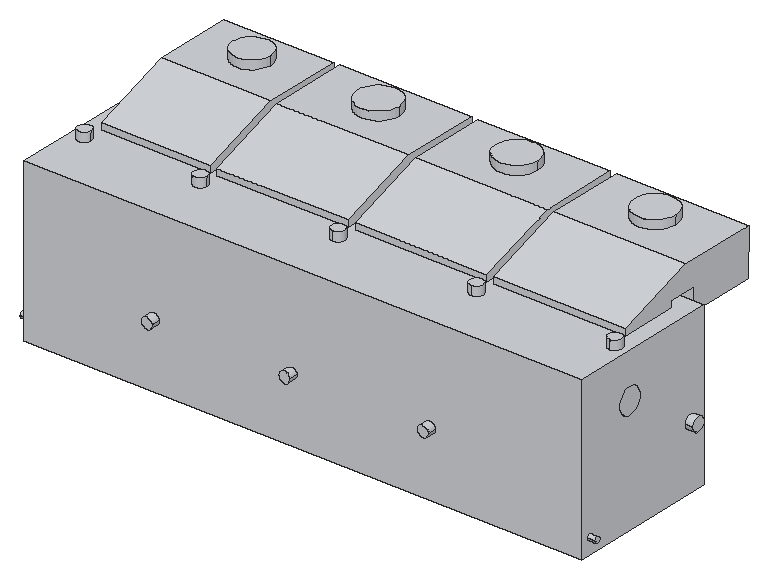
Revit family "M_Caldeira a gás - Ferro fundido - 420-457 kW", category Equipamento mecânico, Revit 2019
Family settings
  Cota do conector redondo = Usar raio
  Tipo de parte = Normal
  Número OmniClass = 23.75.10.11.14.11
  Título OmniClass = Cast-Iron Boilers
  ID de item do Seek = Gas Fired Boiler - Cast Iron - 420-457 kW-0000-CAN-ENU
  Com base no plano de trabalho = Não
  Sempre na vertical = Sim
  Corte com vazios quando carregada = Não
  Compartilhado = Não
  Ponto de cálculo do ambiente = Não
Parameters (values of type "420 kW")
  Fluxo da água [instance] = 0.32 L/s
  Raio da ventilação 4 = 125 mm
  Raio da ventilação 3 = 125 mm
  Raio da ventilação 2 = 125 mm
  Raio da ventilação 1 = 112.5 mm
  Comprimento da ventilação 4 = 500 mm
  Comprimento da ventilação 3 = 830 mm
  Comprimento da ventilação 2 = 830 mm
  Comprimento da ventilação 1 = 760 mm
  Diâmetro da ventilação 4 = Raio da ventilação 4 * 2  # 250 mm
  Diâmetro da ventilação 3 = Raio da ventilação 3 * 2  # 250 mm
  Diâmetro da ventilação 1 = Raio da ventilação 1 * 2  # 225 mm
  Diâmetro da ventilação 2 = Raio da ventilação 2 * 2  # 250 mm
  Aumento de temperatura [instance] = 15.56 °C
  Comprimento de fornecimento 4 = 830 mm
  Comprimento de fornecimento 3 = 830 mm
  Comprimento de fornecimento 2 = 825 mm
  Comprimento de fornecimento 1 = 695 mm
  Queda de pressão da água [instance] = 75800.0 Pa
  Calor de saída [instance] = 420000 W
  Calor de entrada [instance] = 526000 W
  Raio do gás = 16 mm
  Fluxo de gás [instance] = 0.06 L/s
  Diâmetro do gás = Raio do gás * 2  # 32 mm
  Raio da água quente = 40 mm
  Diâmetro da água quente = Raio da água quente * 2  # 80 mm
  Fluxo do ar de exaustão [instance] = 0.0 L/s
  Raio da água gelada = 40 mm
  Diâmetro da água gelada = Raio da água gelada * 2  # 80 mm
  Comprimento do exaustor 4 = 790 mm
  Comprimento do exaustor 3 = 790 mm
  Comprimento do exaustor 2 = 790 mm
  Comprimento do exaustor 1 = 655 mm
  Material do boiler = none
  Comprimento da caldeira = 3346 mm
  BHP [instance] = 42.34
  Raio da água quente 3 = 40 mm
  Raio da água quente 2 = Raio da água quente 1  # 40 mm
  Raio da água quente 1 = 40 mm
  Diâmetro da água quente 3 = Raio da água quente 3 * 2  # 80 mm
  Diâmetro da água quente 2 = Raio da água quente 2 * 2  # 80 mm
  Diâmetro da água quente 1 = Raio da água quente 1 * 2  # 80 mm
  Raio da água gelada 3 = 32.5 mm
  Raio da água gelada 2 = Raio da água gelada 1  # 32.5 mm
  Raio da água gelada 1 = 32.5 mm
  Diâmetro da água gelada 3 = Raio da água gelada 3 * 2  # 65 mm
  Diâmetro da água gelada 2 = Raio da água gelada 2 * 2  # 65 mm
  Diâmetro da água gelada 1 = Raio da água gelada 1 * 2  # 65 mm
Types (3, lengths in mm): name | Raio da ventilação 2 | Raio da ventilação 1 | Comprimento da ventilação 2 | Comprimento da ventilação 1 | Diâmetro da ventilação 1 | Diâmetro da ventilação 2 | Comprimento de fornecimento 2 | Comprimento de fornecimento 1 | Calor de saída | Calor de entrada | Comprimento do exaustor 2 | Comprimento do exaustor 1 | Comprimento da caldeira | BHP
  (no name) | 125 | 112.5 | 830 | 760 | 225 | 250 | 825 | 695 | 420000 W | 526000 W | 790 | 655 | 3346 | 42.34
  420 kW | 125 | 112.5 | 830 | 760 | 225 | 250 | 825 | 695 | 420000 W | 526000 W | 790 | 655 | 3346 | 42.34
  457 kW | 150 | 125 | 900 | 900 | 250 | 300 | 965 | 830 | 457000 W | 572000 W | 930 | 790 | 3625 | 46.02
Reference planes
  plane 1 "Centro (Frente/Trás)": y = 0
  plane 2: z = 0
  plane 3 "Centro (Esquerda/Direita)": x = 0
  plane 4: x = 3346
  plane 5: y = 914.4
  plane 6: z = 965.2
  plane 7: z = 101.6
  plane 8: y = 50.8
  plane 9: x = -50.8
  plane 10: y = 808.037
  plane 11: z = 390.525
  plane 12: x = 82.55
  plane 13: y = 349.25
  plane 14: z = 1016
  plane 15: x = 777.55
  plane 16: x = 2846
  plane 17: z = 698.5
  plane 18: y = 355.6
  plane 19: y = 1376.362
  plane 20: z = 868.362
  plane 21: z = 1154.113
  plane 22: y = 965.2
  plane 23: y = 798.512
  plane 24: y = 457.2
  plane 25: z = 1003.3
  plane 26: y = 908.05
  plane 27: y = 1173.162
  plane 28: z = 1204.912
  plane 29: x = 3396.8
  plane 30: y = -50.8
  plane 31: x = 2451
  plane 32: x = 3241
  plane 33: x = 2433.935
  plane 34: x = 3263.935
  plane 35: x = 2016
  plane 36: x = 1621
  plane 37: x = 2411
  plane 38: x = 1186
  plane 39: x = 791
  plane 40: x = 1581
  plane 41: x = 426
  plane 42: x = 98.5
  plane 43: x = 753.5
  plane 44: x = 1602.55
  plane 45: x = 2432.55
Forms (mm)
  Extrusion 1, solid, material <- "Material do boiler"
    sketch origin (0, 0, 0) x (1, 0, 0) y (0, 1, 0)
      loop
        line (0, 914.4) -> (0, 0) -> (3346, 0) -> (3346, 914.4) -> (0, 914.4)
    from 0 to 965.2
  Extrusion 2, solid, material <- "Material do boiler"
    sketch origin (0, 0, 0) x (0, 1, 0) y (0, 0, 1)
      loop
        circle (50.8, 101.6) r 16
    from 0 to -50.8
  Extrusion 3, solid, material <- "Material do boiler"
    sketch origin (0, 0, 0) x (0, 1, 0) y (0, 0, 1)
      loop
        circle (808.037, 390.525) r 40
    from 0 to -50.8
  Extrusion 4, solid, material <- "Material do boiler"
    sketch origin (0, 0, 0) x (1, 0, 0) y (0, 1, 0)
      loop
        circle (82.55, 349.25) r 40
    from 965.2 to 1016
  Extrusion 5, solid, material <- "Material do boiler"
    sketch origin (0, 0, 0) x (1, 0, 0) y (0, 1, 0)
      loop
        circle (777.55, 349.25) r 40
    from 965.2 to 1016
  Extrusion 6, solid, material <- "Material do boiler"
    sketch origin (0, 0, 0) x (0, 1, 0) y (0, 0, 1)
      loop
        circle (355.6, 698.5) r 76.2
    from 0 to 2846
  Extrusion 7, solid, material <- "Material do boiler", detail levels fine
    sketch origin (0, 0, 0) x (0, 1, 0) y (0, 0, 1)
      loop
        line (457.2, 965.2) -> (798.512, 965.2) -> (798.512, 1003.3) -> (965.2, 1003.3) -> (965.2, 868.363) -> (1376.362, 868.363) -> (1376.362, 1154.113) -> (908.05, 1154.113) -> (457.2, 1003.3) -> (457.2, 965.2)
    from 2451 to 3241
  Extrusion 8, solid, material <- "Material do boiler"
    sketch origin (0, 0, 0) x (1, 0, 0) y (0, 1, 0)
      loop
        circle (2846, 1173.162) r 125
    from 1154.113 to 1204.913
  Extrusion 9, solid, material <- "Material do boiler"
    sketch origin (863.6, 0, 0) x (0, 1, 0) y (0, 0, -1)
      loop
        circle (808.037, -390.525) r 40
    from -2482.4 to -2533.2
  Extrusion 10, solid, material <- "Material do boiler"
    sketch origin (1136.65, 0, 0) x (0, 1, 0) y (0, 0, -1)
      loop
        circle (355.6, -698.5) r 76.2
    from -2209.35 to -1709.35
  Extrusion 11, solid, material <- "Material do boiler"
    sketch origin (0, 0, 0) x (1, 0, 0) y (0, 0, 1)
      loop
        circle (777.55, 390.525) r 32.5
    from 0 to 50.8
  Extrusion 12, solid, material <- "Material do boiler"
    sketch origin (0, 1465.263, 101.6) x (0, 1, 0) y (-1, 0, 0)
      loop
        circle (-1116.013, -1602.55) r 40
    from 863.6 to 914.4
  Extrusion 13, solid, material <- "Material do boiler"
    sketch origin (2143.72, 0, 0) x (0, 1, 0) y (0, 0, -1)
      loop
        circle (50.8, -101.6) r 16
    from -1202.28 to -1253.08
  Extrusion 14, solid, material <- "Material do boiler", detail levels fine
    sketch origin (2933.7, 0, 0) x (0, 1, 0) y (0, 0, -1)
      loop
        line (457.2, -965.2) -> (457.2, -1003.3) -> (908.05, -1154.113) -> (1376.362, -1154.113) -> (1376.362, -868.363) -> (965.2, -868.363) -> (965.2, -1003.3) -> (798.512, -1003.3) -> (798.512, -965.2) -> (457.2, -965.2)
    from 522.7 to 1312.7
  Extrusion 15, solid, material <- "Material do boiler"
    sketch origin (2933.7, 0, 0) x (-1, 0, 0) y (0, -1, 0)
      loop
        circle (917.7, -1173.162) r 125
    from 1154.113 to 1204.913
  Extrusion 16, solid, material <- "Material do boiler", detail levels fine
    sketch origin (-1421.11, 0, 0) x (0, 1, 0) y (0, 0, 1)
      loop
        line (457.2, 965.2) -> (798.512, 965.2) -> (798.512, 1003.3) -> (965.2, 1003.3) -> (965.2, 868.363) -> (1376.362, 868.363) -> (1376.362, 1154.113) -> (908.05, 1154.113) -> (457.2, 1003.3) -> (457.2, 965.2)
    from 2212.11 to 3002.11
  Extrusion 17, solid, material <- "Material do boiler"
    sketch origin (-1421.11, 0, 0) x (1, 0, 0) y (0, 1, 0)
      loop
        circle (2607.11, 1173.162) r 125
    from 1154.113 to 1204.913
  Extrusion 18, solid, material <- "Material do boiler"
    sketch origin (0, 0, 0) x (1, 0, 0) y (0, 0, 1)
      loop
        circle (1602.55, 390.525) r 32.5
    from 0 to 50.8
  Extrusion 19, solid, material <- "Material do boiler"
    sketch origin (0, 1465.263, 101.6) x (0, 1, 0) y (-1, 0, 0)
      loop
        circle (-1116.013, -2433.935) r 40
    from 863.6 to 914.4
  Extrusion 20, solid, material <- "Material do boiler", detail levels fine
    sketch origin (2101.85, 0, 0) x (0, 1, 0) y (0, 0, -1)
      loop
        line (457.2, -965.2) -> (457.2, -1003.3) -> (908.05, -1154.113) -> (1376.362, -1154.113) -> (1376.362, -868.363) -> (965.2, -868.363) -> (965.2, -1003.3) -> (798.512, -1003.3) -> (798.512, -965.2) -> (457.2, -965.2)
    from 1348.35 to 2003.35
  Extrusion 21, solid, material <- "Material do boiler"
    sketch origin (2101.85, 0, 0) x (-1, 0, 0) y (0, -1, 0)
      loop
        circle (1675.85, -1173.162) r 112.5
    from 1154.113 to 1204.913
  Extrusion 22, solid, material <- "Material do boiler"
    sketch origin (0, 0, 0) x (1, 0, 0) y (0, 0, 1)
      loop
        circle (2432.55, 390.525) r 32.5
    from 0 to 50.8
  Extrusion 23, solid, material <- "Material do boiler"
    sketch origin (0, 1465.263, 101.6) x (0, 1, 0) y (-1, 0, 0)
      loop
        circle (-1116.013, -3263.935) r 40
    from 863.6 to 914.4
  Extrusion 24, solid, material <- "Material do boiler", detail levels coarse+medium
    sketch origin (0, 1465.263, 101.6) x (0, 1, 0) y (-1, 0, 0)
      loop
        line (-88.901, -98.5) -> (-550.863, -98.5) -> (-550.863, -3241) -> (-88.901, -3241) -> (-88.901, -98.5)
    from 766.763 to 1052.512
  Extrusion 25, solid, material <- "Material do boiler", detail levels coarse+medium
    sketch origin (0, 1465.263, 101.6) x (0, 1, 0) y (-1, 0, 0)
      loop
        line (-550.863, -98.5) -> (-1008.063, -98.5) -> (-1008.063, -3241) -> (-550.863, -3241) -> (-550.863, -98.5)
    from 863.6 to 1052.512
  Extrusion 26, solid, material <- "Material do boiler", detail levels fine
    sketch origin (0, 0, 0) x (1, 0, 0) y (0, 0, 1)
      loop
        circle (777.55, 390.525) r 32.5
      loop
        circle (1602.55, 390.525) r 32.5
      loop
        circle (2432.55, 390.525) r 32.5
    from 0 to 50.8
  Extrusion 27, solid, material <- "Material do boiler", detail levels fine
    sketch origin (1602.085, 0, 0) x (0, 1, 0) y (0, 0, 1)
      loop
        circle (808.037, 390.525) r 40
      loop
        circle (50.8, 101.6) r 16
    from -1652.885 to -1602.085
  Extrusion 28, solid, material <- "Material do boiler", detail levels fine
    sketch origin (1602.085, 0, 0) x (0, 1, 0) y (0, 0, 1)
      loop
        circle (808.037, 390.525) r 40
      loop
        circle (50.8, 101.6) r 16
    from 1794.715 to 1743.915
Cuts and joins
  joined: Extrusion 7, Extrusion 14, Extrusion 16, Extrusion 20
  joined: Extrusion 1, Extrusion 4, Extrusion 5, Extrusion 8, Extrusion 12, Extrusion 15, Extrusion 17, Extrusion 19, Extrusion 21, Extrusion 23
  joined: Extrusion 2, Extrusion 3, Extrusion 9, Extrusion 11, Extrusion 13, Extrusion 18, Extrusion 22
  joined: Extrusion 24, Extrusion 25
Lines and regions (mm)
  model lines, detail levels coarse+medium
    curve 1: line (0, 50.8, 101.6) -> (-50.8, 50.8, 101.6)
    curve 2: line (0, 808.037, 390.525) -> (-50.8, 808.037, 390.525)
    curve 3: line (3396.8, 808.037, 390.525) -> (3346, 808.037, 390.525)
    curve 5: line (3346, 50.8, 101.6) -> (3396.8, 50.8, 101.6)
    curve 6: line (777.55, 0, 390.525) -> (777.55, -50.8, 390.525)
    curve 10: line (2432.55, 0, 390.525) -> (2432.55, -50.8, 390.525)
    curve 11: line (1602.55, 0, 390.525) -> (1602.55, -50.8, 390.525)
  model lines, detail levels coarse
    curve 4: line (2846, 1173.162, 1154.112) -> (2846, 1173.162, 1204.912)
    curve 7: line (2016, 1173.162, 1154.112) -> (2016, 1173.162, 1204.912)
    curve 8: line (1186, 1173.162, 1154.112) -> (1186, 1173.162, 1204.912)
    curve 9: line (426, 1173.162, 1154.112) -> (426, 1173.162, 1204.912)
  symbolic lines, detail levels fine
    curve 12: line (-50.8, 846.137, 101.6) -> (0, 846.137, 101.6)
    curve 13: line (-50.8, 769.937, 101.6) -> (0, 769.937, 101.6)
    curve 14: line (-50.8, 846.137, 101.6) -> (-50.8, 769.937, 101.6)
    curve 15: line (-50.8, 66.675, 101.6) -> (0, 66.675, 101.6)
    curve 16: line (0, 34.925, 101.6) -> (-50.8, 34.925, 101.6)
    curve 17: line (-50.8, 66.675, 101.6) -> (-50.8, 34.925, 101.6)
    curve 18: line (742.04, 0, 101.6) -> (742.04, -50.8, 101.6)
    curve 19: line (808.115, 0, 101.6) -> (808.115, -50.8, 101.6)
    curve 20: line (742.04, -50.8, 101.6) -> (808.115, -50.8, 101.6)
    curve 21: line (1567.655, 0, 101.6) -> (1567.655, -50.8, 101.6)
    curve 22: line (1634.94, 0, 101.6) -> (1634.94, -50.8, 101.6)
    curve 23: line (1567.655, -50.8, 101.6) -> (1634.94, -50.8, 101.6)
    curve 24: line (2468.115, 0, 101.6) -> (2468.115, -50.8, 101.6)
    curve 25: line (2400.83, -50.8, 101.6) -> (2400.83, 0, 101.6)
    curve 26: line (2400.83, -50.8, 101.6) -> (2468.115, -50.8, 101.6)
    curve 27: line (3396.8, 66.675, 101.6) -> (3346, 66.675, 101.6)
    curve 28: line (3396.8, 66.675, 101.6) -> (3396.8, 34.925, 101.6)
    curve 29: line (3396.8, 34.925, 101.6) -> (3346, 34.925, 101.6)
    curve 30: line (3346, 846.137, 101.6) -> (3396.8, 846.137, 101.6)
    curve 31: line (3396.8, 846.137, 101.6) -> (3396.8, 769.937, 101.6)
    curve 32: line (3396.8, 769.937, 101.6) -> (3346, 769.937, 101.6)
Dimensions and locks
  locked: plane 6 to plane 2 at 965.2
  locked: plane 5 to plane 1 "Centro (Frente/Trás)" at 914.4
  "Comprimento da caldeira": plane 4 to plane 3 "Centro (Esquerda/Direita)"
  locked: plane 7 to plane 2 at 101.6
  locked: plane 8 to plane 1 "Centro (Frente/Trás)" at 50.8
  locked: plane 3 "Centro (Esquerda/Direita)" to plane 9 at 50.8
  locked: plane 5 to plane 10 at 106.363
  locked: plane 11 to plane 2 at 390.525
  locked: plane 13 to plane 1 "Centro (Frente/Trás)" at 349.25
  locked: plane 14 to plane 6 at 50.8
  "Comprimento de fornecimento 1": plane 15 to plane 12
  "Comprimento da ventilação 4": plane 4 to plane 16
  locked: plane 17 to plane 2 at 698.5
  locked: plane 18 to plane 1 "Centro (Frente/Trás)" at 355.6
  locked: plane 19 to plane 1 "Centro (Frente/Trás)" at 1376.363
  locked: plane 20 to plane 2 at 868.362
  locked: plane 21 to plane 20 at 285.75
  locked: plane 19 to plane 22 at 411.162
  locked: plane 22 to plane 23 at 166.688
  locked: plane 23 to plane 24 at 341.312
  locked: plane 25 to plane 6 at 38.1
  locked: plane 26 to plane 24 at 450.85
  locked: plane 27 to plane 1 "Centro (Frente/Trás)" at 1173.162
  locked: plane 28 to plane 21 at 50.8
  locked: plane 29 to plane 4 at 50.8
  locked: plane 1 "Centro (Frente/Trás)" to plane 30 at 50.8
  "Comprimento do exaustor 4": plane 32 to plane 31
  equal spacing: plane 32, plane 16, plane 31
  "Comprimento de fornecimento 4": plane 34 to plane 33
  "Comprimento da ventilação 3": plane 16 to plane 35
  "Comprimento do exaustor 3": plane 37 to plane 36
  equal spacing: plane 37, plane 35, plane 36
  "Comprimento da ventilação 2": plane 38 to plane 35
  "Comprimento do exaustor 2": plane 40 to plane 39
  equal spacing: plane 40, plane 38, plane 39
  "Comprimento da ventilação 1": plane 41 to plane 38
  "Comprimento do exaustor 1": plane 43 to plane 42
  equal spacing: plane 43, plane 41, plane 42
  "Comprimento de fornecimento 2": plane 44 to plane 15
  "Comprimento de fornecimento 3": plane 45 to plane 44
  locked: plane 12 to plane 3 "Centro (Esquerda/Direita)" at 82.55
  "Raio do gás": radius of Extrusion 2 sketch curve
  "Raio da água gelada": radius of Extrusion 3 sketch curve
  "Raio da água quente": radius of Extrusion 4 sketch curve
  "Raio da água quente 1": radius of Extrusion 5 sketch curve
  radius of Extrusion 6 sketch curve = 76.2 mm
  "Raio da ventilação 4": radius of Extrusion 8 sketch curve
  "Raio da água gelada": radius of Extrusion 9 sketch curve
  radius of Extrusion 10 sketch curve = 76.2 mm
  "Raio da água gelada 1": radius of Extrusion 11 sketch curve
  "Raio da água quente 2": radius of Extrusion 12 sketch curve
  "Raio do gás": radius of Extrusion 13 sketch curve
  "Raio da ventilação 3": radius of Extrusion 15 sketch curve
  "Raio da ventilação 2": radius of Extrusion 17 sketch curve
  "Raio da água gelada 2": radius of Extrusion 18 sketch curve
  "Raio da água quente 3": radius of Extrusion 19 sketch curve
  "Raio da ventilação 1": radius of Extrusion 21 sketch curve
  "Raio da água gelada 3": radius of Extrusion 22 sketch curve
  "Raio da água quente": radius of Extrusion 23 sketch curve
  "Raio da água gelada 3": radius of Extrusion 26 sketch curve
  "Raio da água gelada 2": radius of Extrusion 26 sketch curve
  "Raio da água gelada 1": radius of Extrusion 26 sketch curve
  "Raio da água gelada": radius of Extrusion 27 sketch curve
  "Raio do gás": radius of Extrusion 27 sketch curve
  "Raio da água gelada": radius of Extrusion 28 sketch curve
  "Raio do gás": radius of Extrusion 28 sketch curve
  aligned and locked: Extrusion 1 to plane 5
  aligned and locked: plane 1 "Centro (Frente/Trás)" to Extrusion 1
  aligned and locked: Extrusion 1 to plane 3 "Centro (Esquerda/Direita)"
  aligned and locked: plane 4 to Extrusion 1
  aligned and locked: plane 6 to Extrusion 1
  aligned and locked: Extrusion 1 to plane 2
  aligned and locked: plane 8 to Extrusion 2 sketch curve
  aligned and locked: plane 7 to Extrusion 2 sketch curve
  aligned and locked: Extrusion 2 to plane 9
  aligned and locked: plane 3 "Centro (Esquerda/Direita)" to Extrusion 2
  aligned and locked: plane 10 to Extrusion 3 sketch curve
  aligned and locked: plane 11 to Extrusion 3 sketch curve
  aligned and locked: Extrusion 3 to plane 9
  aligned and locked: plane 3 "Centro (Esquerda/Direita)" to Extrusion 3
  aligned and locked: plane 13 to Extrusion 4 sketch curve
  aligned and locked: plane 12 to Extrusion 4 sketch curve
  aligned and locked: plane 14 to Extrusion 4
  aligned and locked: Extrusion 4 to plane 6
  aligned and locked: plane 15 to Extrusion 5 sketch curve
  aligned and locked: plane 13 to Extrusion 5 sketch curve
  aligned and locked: plane 14 to Extrusion 5
  aligned and locked: Extrusion 5 to plane 6
  aligned and locked: plane 18 to Extrusion 6 sketch curve
  aligned and locked: plane 17 to Extrusion 6 sketch curve
  aligned and locked: Extrusion 6 to plane 3 "Centro (Esquerda/Direita)"
  aligned and locked: plane 16 to Extrusion 6
  aligned and locked: plane 21 to Extrusion 7
  aligned and locked: Extrusion 7 to plane 19
  aligned and locked: Extrusion 7 to plane 20
  aligned and locked: plane 22 to Extrusion 7
  aligned and locked: Extrusion 7 to plane 25
  aligned and locked: Extrusion 7 to plane 23
  aligned and locked: Extrusion 7 to plane 6
  aligned and locked: plane 24 to Extrusion 7
  aligned and locked: plane 16 to Extrusion 8 sketch curve
  aligned and locked: plane 27 to Extrusion 8 sketch curve
  aligned and locked: plane 21 to Extrusion 8
  aligned and locked: plane 28 to Extrusion 8  (x2)
  aligned and locked: plane 29 to Extrusion 9
  aligned and locked: Extrusion 9 to plane 4
  aligned and locked: plane 10 to Extrusion 9 sketch curve
  aligned and locked: plane 11 to Extrusion 9 sketch curve
  aligned and locked: Extrusion 10 to plane 16
  aligned and locked: plane 4 to Extrusion 10
  aligned and locked: plane 18 to Extrusion 10 sketch curve
  aligned and locked: plane 17 to Extrusion 10 sketch curve
  aligned and locked: plane 3 "Centro (Esquerda/Direita)" to curve 1
  aligned and locked: plane 9 to curve 1
  aligned and locked: plane 7 to curve 1
  aligned and locked: plane 3 "Centro (Esquerda/Direita)" to curve 2
  aligned and locked: plane 9 to curve 2
  aligned and locked: curve 2 to plane 10
  aligned and locked: plane 4 to curve 3
  aligned and locked: plane 29 to curve 3
  aligned and locked: curve 3 to plane 10
  aligned and locked: curve 4 to plane 28
  aligned and locked: plane 16 to curve 4
  aligned and locked: plane 15 to Extrusion 11 sketch curve
  aligned and locked: plane 11 to Extrusion 11 sketch curve
  aligned and locked: plane 30 to Extrusion 11
  aligned and locked: plane 13 to Extrusion 12 sketch curve
  aligned and locked: plane 14 to Extrusion 12
  aligned and locked: Extrusion 12 to plane 6
  aligned and locked: Extrusion 13 to plane 4
  aligned and locked: plane 29 to Extrusion 13
  aligned and locked: plane 7 to Extrusion 13 sketch curve
  aligned and locked: plane 8 to Extrusion 13 sketch curve
  aligned and locked: curve 6 to plane 15
  aligned and locked: plane 30 to curve 6
  aligned and locked: plane 4 to curve 5
  aligned and locked: plane 29 to curve 5
  aligned and locked: plane 8 to curve 5
  aligned and locked: plane 32 to Extrusion 7
  aligned and locked: Extrusion 7 to plane 31
  aligned and locked: plane 27 to Extrusion 15 sketch curve
  aligned and locked: plane 27 to Extrusion 17 sketch curve
  aligned and locked: plane 11 to Extrusion 18 sketch curve
  aligned and locked: plane 30 to Extrusion 18
  aligned and locked: Extrusion 11 to plane 1 "Centro (Frente/Trás)"
  aligned and locked: plane 13 to Extrusion 19 sketch curve
  aligned and locked: plane 33 to Extrusion 19 sketch curve
  aligned and locked: Extrusion 19 to plane 6
  aligned and locked: plane 14 to Extrusion 19
  aligned and locked: curve 6 to plane 11
  aligned and locked: plane 37 to Extrusion 14
  aligned and locked: Extrusion 14 to plane 36
  aligned and locked: curve 7 to plane 35
  aligned and locked: plane 35 to Extrusion 15 sketch curve
  aligned and locked: plane 44 to Extrusion 18 sketch curve
  aligned and locked: plane 40 to Extrusion 16
  aligned and locked: Extrusion 16 to plane 39
  aligned and locked: curve 8 to plane 38
  aligned and locked: plane 38 to Extrusion 17 sketch curve
  aligned and locked: plane 43 to Extrusion 20
  aligned and locked: Extrusion 20 to plane 42
  aligned and locked: curve 9 to plane 41
  aligned and locked: plane 41 to Extrusion 21 sketch curve
  aligned and locked: plane 28 to Extrusion 21
  aligned and locked: Extrusion 21 to plane 21
  aligned and locked: plane 28 to Extrusion 17
  aligned and locked: Extrusion 17 to plane 21
  aligned and locked: plane 28 to Extrusion 15
  aligned and locked: plane 21 to Extrusion 15
  aligned and locked: plane 45 to Extrusion 22 sketch curve
  aligned and locked: plane 11 to Extrusion 22 sketch curve
  aligned and locked: plane 34 to Extrusion 23 sketch curve
  aligned and locked: plane 13 to Extrusion 23 sketch curve
  aligned and locked: plane 14 to Extrusion 23
  aligned and locked: plane 6 to Extrusion 23
  aligned and locked: plane 30 to Extrusion 22
  aligned and locked: Extrusion 18 to plane 1 "Centro (Frente/Trás)"
  aligned and locked: curve 10 to plane 11
  aligned and locked: plane 1 "Centro (Frente/Trás)" to curve 10
  aligned and locked: plane 30 to curve 10
  aligned and locked: curve 11 to plane 11
  aligned and locked: plane 1 "Centro (Frente/Trás)" to curve 11
  aligned and locked: plane 30 to curve 11
  aligned and locked: curve 12 to cut or joined group of Extrusion 2, Extrusion 3, Extrusion 9, Extrusion 11, Extrusion 13, Extrusion 18, Extrusion 22
  aligned and locked: cut or joined group of Extrusion 2, Extrusion 3, Extrusion 9, Extrusion 11, Extrusion 13, Extrusion 18, Extrusion 22 to curve 12
  aligned and locked: curve 13 to cut or joined group of Extrusion 2, Extrusion 3, Extrusion 9, Extrusion 11, Extrusion 13, Extrusion 18, Extrusion 22
  aligned and locked: cut or joined group of Extrusion 2, Extrusion 3, Extrusion 9, Extrusion 11, Extrusion 13, Extrusion 18, Extrusion 22 to curve 13
  aligned and locked: curve 15 to cut or joined group of Extrusion 2, Extrusion 3, Extrusion 9, Extrusion 11, Extrusion 13, Extrusion 18, Extrusion 22
  aligned and locked: cut or joined group of Extrusion 2, Extrusion 3, Extrusion 9, Extrusion 11, Extrusion 13, Extrusion 18, Extrusion 22 to curve 15
  aligned and locked: cut or joined group of Extrusion 2, Extrusion 3, Extrusion 9, Extrusion 11, Extrusion 13, Extrusion 18, Extrusion 22 to curve 16
  aligned and locked: curve 16 to cut or joined group of Extrusion 2, Extrusion 3, Extrusion 9, Extrusion 11, Extrusion 13, Extrusion 18, Extrusion 22
  aligned and locked: curve 18 to cut or joined group of Extrusion 2, Extrusion 3, Extrusion 9, Extrusion 11, Extrusion 13, Extrusion 18, Extrusion 22  (x2)
  aligned and locked: curve 19 to cut or joined group of Extrusion 2, Extrusion 3, Extrusion 9, Extrusion 11, Extrusion 13, Extrusion 18, Extrusion 22
  aligned and locked: cut or joined group of Extrusion 2, Extrusion 3, Extrusion 9, Extrusion 11, Extrusion 13, Extrusion 18, Extrusion 22 to curve 19
  aligned and locked: curve 21 to cut or joined group of Extrusion 2, Extrusion 3, Extrusion 9, Extrusion 11, Extrusion 13, Extrusion 18, Extrusion 22  (x2)
  aligned and locked: curve 22 to cut or joined group of Extrusion 2, Extrusion 3, Extrusion 9, Extrusion 11, Extrusion 13, Extrusion 18, Extrusion 22
  aligned and locked: cut or joined group of Extrusion 2, Extrusion 3, Extrusion 9, Extrusion 11, Extrusion 13, Extrusion 18, Extrusion 22 to curve 22
  aligned and locked: cut or joined group of Extrusion 2, Extrusion 3, Extrusion 9, Extrusion 11, Extrusion 13, Extrusion 18, Extrusion 22 to curve 24  (x2)
  aligned and locked: cut or joined group of Extrusion 2, Extrusion 3, Extrusion 9, Extrusion 11, Extrusion 13, Extrusion 18, Extrusion 22 to curve 25
  aligned and locked: curve 25 to cut or joined group of Extrusion 2, Extrusion 3, Extrusion 9, Extrusion 11, Extrusion 13, Extrusion 18, Extrusion 22
  aligned and locked: cut or joined group of Extrusion 2, Extrusion 3, Extrusion 9, Extrusion 11, Extrusion 13, Extrusion 18, Extrusion 22 to curve 27
  aligned and locked: curve 27 to cut or joined group of Extrusion 2, Extrusion 3, Extrusion 9, Extrusion 11, Extrusion 13, Extrusion 18, Extrusion 22
  aligned and locked: curve 29 to cut or joined group of Extrusion 2, Extrusion 3, Extrusion 9, Extrusion 11, Extrusion 13, Extrusion 18, Extrusion 22
  aligned and locked: curve 30 to cut or joined group of Extrusion 2, Extrusion 3, Extrusion 9, Extrusion 11, Extrusion 13, Extrusion 18, Extrusion 22
  aligned and locked: cut or joined group of Extrusion 2, Extrusion 3, Extrusion 9, Extrusion 11, Extrusion 13, Extrusion 18, Extrusion 22 to curve 30
  aligned and locked: curve 32 to cut or joined group of Extrusion 2, Extrusion 3, Extrusion 9, Extrusion 11, Extrusion 13, Extrusion 18, Extrusion 22
  aligned and locked: Extrusion 24 sketch curve to cut or joined group of Extrusion 7, Extrusion 14, Extrusion 16, Extrusion 20  (x2)
  aligned and locked: cut or joined group of Extrusion 1, Extrusion 4, Extrusion 5, Extrusion 8, Extrusion 12, Extrusion 15, Extrusion 17, Extrusion 19, Extrusion 21, Extrusion 23 to Extrusion 24 sketch curve
  aligned and locked: Extrusion 24 sketch curve to plane 32
  aligned and locked: Extrusion 24 to Extrusion 25 sketch curve
  aligned and locked: Extrusion 25 sketch curve to Extrusion 24
  aligned and locked: Extrusion 25 sketch curve to cut or joined group of Extrusion 7, Extrusion 14, Extrusion 16, Extrusion 20  (x2)
  aligned and locked: Extrusion 24 to curve 4
  aligned and locked: Extrusion 24 to cut or joined group of Extrusion 7, Extrusion 14, Extrusion 16, Extrusion 20
  aligned and locked: Extrusion 25 to curve 4
  aligned and locked: Extrusion 25 to cut or joined group of Extrusion 7, Extrusion 14, Extrusion 16, Extrusion 20
  aligned and locked: plane 15 to Extrusion 26 sketch curve
  aligned and locked: plane 11 to Extrusion 26 sketch curve  (x3)
  aligned and locked: plane 44 to Extrusion 26 sketch curve
  aligned and locked: plane 45 to Extrusion 26 sketch curve
  aligned and locked: Extrusion 26 to plane 1 "Centro (Frente/Trás)"
  aligned and locked: plane 30 to Extrusion 26
  aligned and locked: plane 10 to Extrusion 27 sketch curve
  aligned and locked: plane 11 to Extrusion 27 sketch curve
  aligned and locked: plane 8 to Extrusion 27 sketch curve
  aligned and locked: plane 7 to Extrusion 27 sketch curve
  aligned and locked: plane 10 to Extrusion 28 sketch curve
  aligned and locked: plane 11 to Extrusion 28 sketch curve
  aligned and locked: plane 8 to Extrusion 28 sketch curve
  aligned and locked: plane 7 to Extrusion 28 sketch curve
  aligned and locked: plane 29 to Extrusion 28
  aligned and locked: Extrusion 28 to plane 4
  aligned and locked: Extrusion 27 to plane 9
  aligned and locked: plane 3 "Centro (Esquerda/Direita)" to Extrusion 27
Automatic sketch dimensions
  Extrusion 1 sketch curve to plane 1 "Centro (Frente/Trás)" = 0 mm
  Extrusion 1 sketch curve to plane 3 "Centro (Esquerda/Direita)" = 0 mm
  Extrusion 1 sketch curve to plane 4 = 0 mm
  Extrusion 1 sketch curve to plane 5 = 0 mm
  Extrusion 7 sketch curve to plane 6 = 0 mm
  Extrusion 7 sketch curve to plane 24 = 0 mm
  Extrusion 7 sketch curve to plane 23 = 0 mm
  Extrusion 7 sketch curve to plane 21 = 0 mm
  Extrusion 7 sketch curve to plane 26 = 0 mm
  Extrusion 7 sketch curve to plane 20 = 0 mm
  Extrusion 7 sketch curve to plane 22 = 0 mm
  Extrusion 7 sketch curve to plane 19 = 0 mm
  Extrusion 7 sketch curve to plane 25 = 0 mm  (x2)
  curve 5 to plane 4 = 0 mm
  curve 5 to plane 7 = 0 mm
  curve 5 to plane 29 = 0 mm
  curve 2 to plane 3 "Centro (Esquerda/Direita)" = 0 mm
  curve 2 to plane 9 = 0 mm
  curve 9 to plane 21 = 0 mm
  curve 9 to plane 28 = 0 mm
  curve 7 to plane 21 = 0 mm
  curve 8 to plane 21 = 0 mm
  curve 4 to plane 21 = 0 mm
  curve 8 to plane 28 = 0 mm
  curve 7 to plane 28 = 0 mm
  Extrusion 12 sketch curve to plane 44 = 0 mm
  curve 6 to plane 30 = 0 mm
  curve 6 to plane 1 "Centro (Frente/Trás)" = 0 mm
  Extrusion 14 sketch curve to plane 6 = 0 mm
  Extrusion 14 sketch curve to plane 24 = 0 mm
  Extrusion 14 sketch curve to plane 23 = 0 mm
  Extrusion 14 sketch curve to plane 21 = 0 mm
  Extrusion 14 sketch curve to plane 26 = 0 mm
  Extrusion 14 sketch curve to plane 20 = 0 mm
  Extrusion 14 sketch curve to plane 22 = 0 mm
  Extrusion 14 sketch curve to plane 19 = 0 mm
  Extrusion 14 sketch curve to plane 25 = 0 mm  (x2)
  Extrusion 16 sketch curve to plane 6 = 0 mm
  Extrusion 16 sketch curve to plane 24 = 0 mm
  Extrusion 16 sketch curve to plane 23 = 0 mm
  Extrusion 16 sketch curve to plane 21 = 0 mm
  Extrusion 16 sketch curve to plane 26 = 0 mm
  Extrusion 16 sketch curve to plane 20 = 0 mm
  Extrusion 16 sketch curve to plane 22 = 0 mm
  Extrusion 16 sketch curve to plane 19 = 0 mm
  Extrusion 16 sketch curve to plane 25 = 0 mm  (x2)
  Extrusion 20 sketch curve to plane 6 = 0 mm
  Extrusion 20 sketch curve to plane 24 = 0 mm
  Extrusion 20 sketch curve to plane 23 = 0 mm
  Extrusion 20 sketch curve to plane 21 = 0 mm
  Extrusion 20 sketch curve to plane 26 = 0 mm
  Extrusion 20 sketch curve to plane 20 = 0 mm
  Extrusion 20 sketch curve to plane 22 = 0 mm
  Extrusion 20 sketch curve to plane 19 = 0 mm
  Extrusion 20 sketch curve to plane 25 = 0 mm  (x2)
  Extrusion 21 sketch curve to plane 27 = 0 mm
  plane 8 to curve 17 = 15.875 mm
  plane 8 to curve 29 = 15.875 mm
  curve 15 to plane 8 = 15.875 mm
  curve 28 to plane 8 = 15.875 mm
  plane 23 to curve 13 = 28.575 mm
  plane 23 to curve 32 = 28.575 mm
  curve 30 to plane 10 = 38.1 mm
  curve 14 to plane 10 = 38.1 mm
  plane 31 to curve 24 = 17.115 mm
  curve 25 to plane 37 = 10.17 mm
  plane 36 to curve 23 = 13.94 mm
  curve 23 to plane 40 = 13.345 mm
  plane 39 to curve 19 = 17.115 mm
  curve 20 to plane 43 = 11.46 mm
Connectors
  piping at (82.55, 349.25, 1016), diameter 80, driven by "Raio da água quente", driven by "Fluxo da água", driven by "Queda de pressão da água"
    settings: on Extrusion 4, index 1, connector inside diameter 80 mm, connector length 0 mm, flow factor 0, pipe flow 0.32 L/s, pressure drop 75800.0 Pa, fitting loss kfactor 0, connector angle 0.00°, fixture units 0, engagement length 0 mm, angle of deflection 0.00°, flow configuration 0, flow direction 2, fitting loss method 4, system type 7, joint type 0, gender type 0, connector reference index -1, connector utility 0, adjustable connector no, is connector primary yes, connector description "Saída de água quente"
  piping at (777.55, 349.25, 1016), diameter 80, driven by "Raio da água quente 1", driven by "Fluxo da água", driven by "Queda de pressão da água"
    settings: on Extrusion 5, index 2, connector inside diameter 80 mm, connector length 0 mm, flow factor 0, pipe flow 0.32 L/s, pressure drop 75800.0 Pa, fitting loss kfactor 0, connector angle 0.00°, fixture units 0, engagement length 0 mm, angle of deflection 0.00°, flow configuration 0, flow direction 2, fitting loss method 4, system type 7, joint type 0, gender type 0, connector reference index -1, connector utility 0, adjustable connector no, is connector primary no, connector description "Saída de água quente"
  piping at (1602.55, 349.25, 1016), diameter 80, driven by "Raio da água quente 2", driven by "Fluxo da água", driven by "Queda de pressão da água"
    settings: on Extrusion 12, index 3, connector inside diameter 80 mm, connector length 0 mm, flow factor 0, pipe flow 0.32 L/s, pressure drop 75800.0 Pa, fitting loss kfactor 0, connector angle 0.00°, fixture units 0, engagement length 0 mm, angle of deflection 0.00°, flow configuration 0, flow direction 2, fitting loss method 4, system type 7, joint type 0, gender type 0, connector reference index -1, connector utility 0, adjustable connector no, is connector primary no, connector description "Saída de água quente"
  piping at (2433.935, 349.25, 1016), diameter 80, driven by "Raio da água quente 3", driven by "Fluxo da água", driven by "Queda de pressão da água"
    settings: on Extrusion 19, index 4, connector inside diameter 80 mm, connector length 0 mm, flow factor 0, pipe flow 0.32 L/s, pressure drop 75800.0 Pa, fitting loss kfactor 0, connector angle 0.00°, fixture units 0, engagement length 0 mm, angle of deflection 0.00°, flow configuration 0, flow direction 2, fitting loss method 4, system type 7, joint type 0, gender type 0, connector reference index -1, connector utility 0, adjustable connector no, is connector primary no, connector description "Saída de água quente"
  piping at (3263.935, 349.25, 1016), diameter 80, driven by "Raio da água quente", driven by "Fluxo da água", driven by "Queda de pressão da água"
    settings: on Extrusion 23, index 5, connector inside diameter 80 mm, connector length 0 mm, flow factor 0, pipe flow 0.32 L/s, pressure drop 75800.0 Pa, fitting loss kfactor 0, connector angle 0.00°, fixture units 0, engagement length 0 mm, angle of deflection 0.00°, flow configuration 0, flow direction 2, fitting loss method 4, system type 7, joint type 0, gender type 0, connector reference index -1, connector utility 0, adjustable connector no, is connector primary no, connector description "Saída de água quente"
  piping at (3396.8, 808.037, 390.525), diameter 80, driven by "Raio da água gelada", driven by "Fluxo da água"
    settings: on Extrusion 9, index 6, connector inside diameter 80 mm, connector length 0 mm, flow factor 0, pipe flow 0.32 L/s, pressure drop 0.0 Pa, fitting loss kfactor 0, connector angle 0.00°, fixture units 0, engagement length 0 mm, angle of deflection 0.00°, flow configuration 0, flow direction 1, fitting loss method 0, system type 8, joint type 0, gender type 0, connector reference index -1, connector utility 0, adjustable connector no, is connector primary no, connector description "Entrada de água gelada"
  piping at (-50.8, 808.037, 390.525), diameter 80, driven by "Raio da água gelada", driven by "Fluxo da água"
    settings: on Extrusion 3, index 7, connector inside diameter 80 mm, connector length 0 mm, flow factor 0, pipe flow 0.32 L/s, pressure drop 0.0 Pa, fitting loss kfactor 0, connector angle 0.00°, fixture units 0, engagement length 0 mm, angle of deflection 0.00°, flow configuration 0, flow direction 1, fitting loss method 0, system type 8, joint type 0, gender type 0, connector reference index -1, connector utility 0, adjustable connector no, is connector primary no, connector description "Entrada de água gelada"
  piping at (777.55, -50.8, 390.525), diameter 65, driven by "Raio da água gelada 1", driven by "Fluxo da água"
    settings: on Extrusion 11, index 8, connector inside diameter 65 mm, connector length 0 mm, flow factor 0, pipe flow 0.32 L/s, pressure drop 0.0 Pa, fitting loss kfactor 0, connector angle 0.00°, fixture units 0, engagement length 0 mm, angle of deflection 0.00°, flow configuration 0, flow direction 1, fitting loss method 0, system type 8, joint type 0, gender type 0, connector reference index -1, connector utility 0, adjustable connector no, is connector primary no, connector description "Entrada de água gelada"
  piping at (1602.55, -50.8, 390.525), diameter 65, driven by "Raio da água gelada 2", driven by "Fluxo da água"
    settings: on Extrusion 18, index 9, connector inside diameter 65 mm, connector length 0 mm, flow factor 0, pipe flow 0.32 L/s, pressure drop 0.0 Pa, fitting loss kfactor 0, connector angle 0.00°, fixture units 0, engagement length 0 mm, angle of deflection 0.00°, flow configuration 0, flow direction 1, fitting loss method 0, system type 8, joint type 0, gender type 0, connector reference index -1, connector utility 0, adjustable connector no, is connector primary no, connector description "Entrada de água gelada"
  piping at (2432.55, -50.8, 390.525), diameter 65, driven by "Fluxo da água", driven by "Raio da água gelada 3"
    settings: on Extrusion 22, index 10, connector inside diameter 65 mm, connector length 0 mm, flow factor 0, pipe flow 0.32 L/s, pressure drop 0.0 Pa, fitting loss kfactor 0, connector angle 0.00°, fixture units 0, engagement length 0 mm, angle of deflection 0.00°, flow configuration 0, flow direction 1, fitting loss method 0, system type 8, joint type 0, gender type 0, connector reference index -1, connector utility 0, adjustable connector no, is connector primary no, connector description "Entrada de água gelada"
  piping at (-50.8, 50.8, 101.6), diameter 32, driven by "Raio do gás", driven by "Fluxo de gás"
    settings: on Extrusion 2, index 11, connector inside diameter 32 mm, connector length 0 mm, flow factor 0, pipe flow 0.06 L/s, pressure drop 0.0 Pa, fitting loss kfactor 0, connector angle 0.00°, fixture units 0, engagement length 0 mm, angle of deflection 0.00°, flow configuration 1, flow direction 1, fitting loss method 0, system type 22, joint type 0, gender type 0, connector reference index -1, connector utility 0, adjustable connector no, is connector primary no, connector description "Entrada de gás"
  piping at (3396.8, 50.8, 101.6), diameter 32, driven by "Raio do gás", driven by "Fluxo de gás"
    settings: on Extrusion 13, index 12, connector inside diameter 32 mm, connector length 0 mm, flow factor 0, pipe flow 0.06 L/s, pressure drop 0.0 Pa, fitting loss kfactor 0, connector angle 0.00°, fixture units 0, engagement length 0 mm, angle of deflection 0.00°, flow configuration 1, flow direction 1, fitting loss method 0, system type 22, joint type 0, gender type 0, connector reference index -1, connector utility 0, adjustable connector no, is connector primary no, connector description "Entrada de gás"
  hvac at (426, 1173.162, 1204.913), driven by "Raio da ventilação 1", driven by "Fluxo do ar de exaustão"
    settings: on Extrusion 21, index 13, duct flow 0.0 L/s, flow factor 0, pres drop 0.0 Pa, loss coef 0, conn angle 0.00°, conn width 304.8 mm, conn height 304.8 mm, conn diameter 225 mm, duct sys type 3, conn prof type 0, flow config 1, flow direction 2, loss method 0, conn ref index -1, conn util no, is conn primary yes, conn desc ""
  hvac at (1186, 1173.162, 1204.913), driven by "Raio da ventilação 2", driven by "Fluxo do ar de exaustão"
    settings: on Extrusion 17, index 14, duct flow 0.0 L/s, flow factor 0, pres drop 0.0 Pa, loss coef 0, conn angle 0.00°, conn width 304.8 mm, conn height 304.8 mm, conn diameter 250 mm, duct sys type 3, conn prof type 0, flow config 1, flow direction 2, loss method 0, conn ref index -1, conn util no, is conn primary no, conn desc ""
  hvac at (2016, 1173.162, 1204.913), driven by "Raio da ventilação 3", driven by "Fluxo do ar de exaustão"
    settings: on Extrusion 15, index 15, duct flow 0.0 L/s, flow factor 0, pres drop 0.0 Pa, loss coef 0, conn angle 0.00°, conn width 304.8 mm, conn height 304.8 mm, conn diameter 250 mm, duct sys type 3, conn prof type 0, flow config 1, flow direction 2, loss method 0, conn ref index -1, conn util no, is conn primary no, conn desc ""
  hvac at (2846, 1173.162, 1204.913), driven by "Raio da ventilação 4", driven by "Fluxo do ar de exaustão"
    settings: on Extrusion 8, index 16, duct flow 0.0 L/s, flow factor 0, pres drop 0.0 Pa, loss coef 0, conn angle 0.00°, conn width 304.8 mm, conn height 304.8 mm, conn diameter 250 mm, duct sys type 3, conn prof type 0, flow config 1, flow direction 2, loss method 0, conn ref index -1, conn util no, is conn primary no, conn desc ""
  piping at (0, 355.6, 698.5), diameter 40
    settings: on Extrusion 6, index 17, connector inside diameter 40 mm, connector length 0 mm, flow factor 0, pipe flow 0.0 L/s, pressure drop 0.0 Pa, fitting loss kfactor 0, connector angle 0.00°, fixture units 0, engagement length 0 mm, angle of deflection 0.00°, flow configuration 1, flow direction 2, fitting loss method 0, system type 16, joint type 0, gender type 0, connector reference index -1, connector utility 0, adjustable connector yes, is connector primary no, connector description "Saída da drenagem"
  piping at (3346, 355.6, 698.5), diameter 40
    settings: on Extrusion 10, index 18, connector inside diameter 40 mm, connector length 0 mm, flow factor 0, pipe flow 0.0 L/s, pressure drop 0.0 Pa, fitting loss kfactor 0, connector angle 0.00°, fixture units 0, engagement length 0 mm, angle of deflection 0.00°, flow configuration 1, flow direction 2, fitting loss method 0, system type 16, joint type 0, gender type 0, connector reference index -1, connector utility 0, adjustable connector yes, is connector primary no, connector description "Saída da drenagem"
  electrical at (3346, 457.2, 482.6)
    settings: on Extrusion 1, index 19, voltage 0 V, apparent load 0 VA, apparent load phase1 0 VA, apparent load phase2 0 VA, apparent load phase3 0 VA, power factor 1, load classification "Outros", number of poles 1, system type 13, power factor state 1, is connector primary yes, connector utility no, sub classification motor no, connector description ""
